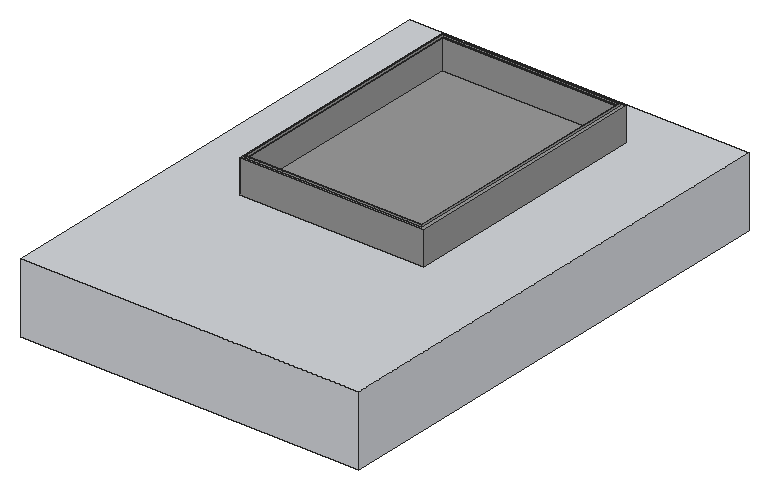
Revit family "Hager-Univers-IP44-D161-Cl.II-FWB-encl--CH-de", category Equipement électrique, Revit 2020
Family settings
  Hôte = Face
  Configuration du panneau = Deux colonnes, circuits au sein
  Cote de connecteur circulaire = Utiliser le diamètre
  Type d'élément = Tableau de raccordement
  Couper avec des vides une fois chargée = Non
  Partagée = Non
  Point de calcul de pièce = Non
Parameters (values of type "Aufputz IP44 B800 H1100 T161  - FWB73D1")
  Width Control [instance] = if([EF000008 - Breite] > Min Width, [EF000008 - Breite], Min Width)  # 800 mm
  Commentaires du type = [HG000003 - Bereich]  # "Univers"
  Thickness Door [instance] = if([EF009171 - Materialstärke Tür/Deckel] > 3 mm, 3 mm, [EF009171 - Materialstärke Tür/Deckel])  # 1 mm
  Seal Frame Offset [instance] = 17 mm  # constant formula
  Plinth Visibility [instance] = [HG000027 - Sockelhöhe] > 0 mm  # no
  Model = ""
  Min Width [instance] = 100 mm  # constant formula
  Min Height [instance] = 100 mm  # constant formula
  Min Depth [instance] = (2 * [EF009170 - Materialstärke Gehäuse]) + 1 mm  # 5 mm
  Internal Frame Depth [instance] = (Door System Depth * 0.5)  # 9 mm
  Height Control [instance] = if([EF000040 - Höhe] > Min Height, [EF000040 - Höhe], Min Height)  # 1100 mm
  HG000027 - Sockelhöhe = 0 mm
  HG000026 - Stehend auf dem Boden = no
  HG000024 - Höhe des unteren Teils = 800 mm
  HG000023 - Gehäuse mit doppeltem Querschnitt = no
  HG000016 - 3D-Türsichtbarkeit [instance] = yes
  HG000015 - Sichtbarkeit der Türöffnung [instance] = no
  HG000014 - Tür rechts [instance] = yes
  HG000013 - Tür links [instance] = not([HG000014 - Tür rechts])  # no
  HG000012 - Türschwenkwinkel [instance] = 30.00°
  HG000010 - Asymmetrische Türen = no
  HG000009 - Doppelflügeligen Tür = no
  HG000006 - Unterputz = no
  HG000004 - Herstellerreferenz = "FWB73D1"
  HG000003 - Bereich = "Univers"
  HG000002 - Mit tür = no
  Frame Offset Bottom [instance] = 10 mm  # constant formula
  Frame Offset [instance] = 15 mm  # constant formula
  EF015940 - Deckel mit Überdruckentlastung = no
  EF011959 - Schutzart (NEMA) = ""
  EF009554 - Anzahl der Öffnungen für Flanschplatten = 6
  Fabricant = "Hager"  # constant formula
  EF009212 - Ausführung Deckel = "EV009916 - mit Ausschnitt"
  EF009171 - Materialstärke Tür/Deckel = 1 mm
  EF009170 - Materialstärke Gehäuse = 2 mm
  EF008873 - Nennstrom (In) = 125 A
  EF007800 - Geeignet für Blitzschutz = no
  EF006306 - Mit Schloss = no
  EF006244 - Transparenter Deckel/Tür = no
  EF005474 - Schutzart (IP) = "EV006418 - IP44"
  EF004464 - Art der Tür = "EV000494 - ohne"
  EF004427 - Anzahl der Module = 252
  EF004293 - Schlagfestigkeit = "EV006815 - IK09"
  EF003532 - Geeignet für Außengebrauch = no
  EF002950 - Breite in Teilungseinheiten = 12
  EF001613 - Funktionserhalt = "EV000494 - ohne"
  EF001596 - Werkstoff des Gehäuses = "EV000179 - Stahl"
  EF001131 - Innentiefe = 160 mm
  EF001088 - Anbaumöglichkeit = yes
  EF000437 - Anzahl der Leitungseinführungen = 12
  EF000339 - Art der Abdeckung = "EV004216 - Tür"
  EF000266 - Anzahl der Reihen = 0
  EF000218 - Einbautiefe = 0 mm
  EF000118 - Mit Montageplatte = no
  EF000116 - RAL-Nummer = "9010"
  EF000049 - Tiefe = 161 mm
  EF000040 - Höhe = 1100 mm
  EF000008 - Breite = 800 mm
  EF000007 - Farbe = "EV000202 - weiß"
  EF000003 - Montageart = "EV000384 - Aufputz"
  Door System Leaf Tolerance [instance] = 1.5 mm  # constant formula
  Door System Depth [instance] = 18 mm  # constant formula
  Door Height [instance] = Height Control - [HG000027 - Sockelhöhe]  # 1100 mm
  Depth Control [instance] = if([EF000049 - Tiefe] > Min Depth, [EF000049 - Tiefe], Min Depth)  # 161 mm
  Default Elevation = 0 mm
  Connector Offset [instance] = Height Control / 2  # 550 mm
  Bottom Top Plate Trim [instance] = 1.5 mm  # constant formula
  Plinth height Ctrl [instance] = if([HG000027 - Sockelhöhe] > 0 mm, [HG000027 - Sockelhöhe], 12 mm)  # 12 mm
Reference planes
  plane 1 "Center (Front/Back)": y = 0
  plane 2: z = 0
  plane 3 "Center (Left/Right)": x = 0
  plane 4: z = 161
  plane 5: y = 2
  plane 6: y = 550
  plane 7: y = 0
  plane 8: y = 1100
  plane 9: z = 0
  plane 10: x = -385
  plane 11: x = 385
  plane 12: x = 383
  plane 13: x = -383
  plane 14: y = 1098
  plane 15: x = -383
  plane 16: x = -400
  plane 17: x = 383
  plane 18: x = 400
  plane 19: x = 398
  plane 20: x = -398
  plane 21: y = 12
  plane 22: y = 1100
  plane 23: y = 1083
  plane 24: z = 143
  plane 25: z = 2
  plane 26: z = 141
  plane 27: z = 159
Forms (mm)
  Extrusion 1, solid
    sketch origin (0, 0, 0) x (1, 0, 0) y (0, 1, 0)
      loop
        line (-702.964, 1305) -> (-702.964, -811.445) -> (766.763, -811.445) -> (766.763, 1305) -> (-702.964, 1305)
    from 0 to -304.8
  Extrusion 2, solid, material "Hager_Steel_RAL7035_Light_Grey", visible <- "Plinth Visibility", detail levels medium+fine
    sketch origin (0, 0, 0) x (1, 0, 0) y (0, 1, 0)
      loop
        line (-400, 0) -> (400, 0) -> (400, 12) -> (-400, 12) -> (-400, 0)
    from 0 to 143
  Extrusion 3, solid, material "Hager_Steel_RAL7035_Light_Grey", detail levels medium+fine
    sketch origin (0, 0, 0) x (1, 0, 0) y (0, 1, 0)
      loop
        line (-400, 0) -> (400, 0) -> (400, 1100) -> (-400, 1100) -> (-400, 0)
    from 0 to 143
  Extrusion 4, void
    sketch origin (0, 0, 0) x (1, 0, 0) y (0, 1, 0)
      loop
        line (-398, 2) -> (398, 2) -> (398, 1098) -> (-398, 1098) -> (-398, 2)
    from 2 to 141
  Extrusion 5, void
    sketch origin (-381.607, -4572, 143) x (0, -1, 0) y (-1, 0, 0)
      loop
        line (-4584, 1.393) -> (-5655, 1.393) -> (-5655, -764.607) -> (-4584, -764.607) -> (-4584, 1.393)
    from 0 to 2 <- "EF009170 - Materialstärke Gehäuse"
  Extrusion 6, solid, material "Hager_Steel_RAL7035_Light_Grey", detail levels fine
    sketch origin (0, 0, 143) x (1, 0, 0) y (0, 1, 0)
      loop
        line (-383, 1083) -> (-383, 12) -> (383, 12) -> (383, 1083) -> (-383, 1083)
      loop
        line (-384, 11) -> (384, 11) -> (384, 1084) -> (-384, 1084) -> (-384, 11)
    from 0 to 9 <- "Internal Frame Depth"
  Extrusion 7, solid, material "Hager_Steel_RAL7035_Light_Grey", detail levels coarse
    sketch origin (0, 0, 0) x (1, 0, 0) y (0, 1, 0)
      loop
        line (-400, 0) -> (400, 0) -> (400, 1100) -> (-400, 1100) -> (-400, 0)
    from 0 to 161
  Sweep 8, void
    path in 3D
      loop
        line (-400, 12, 0) -> (400, 12, 0) -> (400, 12, 143) -> (-400, 12, 143) -> (-400, 12, 0)
    profile origin (-400, 12, 71.5) x (-1, 0, 0) y (0, -1, 0)
      loop
        line (0, 0) -> (0, 1.5) -> (-1.5, 1.5)
        arc (-1.5, 1.5) -> (-1.061, 0.439) -> (0, 0) r 1.5
Cuts and joins
  Extrusion 4, Extrusion 5 cuts Extrusion 3
  Sweep 8 cuts Extrusion 2
Lines and regions (mm)
  Masking region 1
    outline origin (0, 0, 0) x (1, 0, 0) y (0, 0, 1)
      loop
        line (-400, 161) -> (-400, 0) -> (400, 0) -> (400, 161) -> (-400, 161)
  Masking region 2, detail levels medium+fine
    outline origin (0, 140, 0) x (0, 1, 0) y (0, 0, 1)
      loop
        line (-140, 0) -> (960, 0) -> (960, 143) -> (-140, 143) -> (-140, 0)
  Masking region 3, not visible, detail levels medium+fine
    outline origin (0, 297.922, 0) x (0, 1, 0) y (0, 0, 1)
      loop
        line (263.578, 0) -> (303.578, 0) -> (303.578, 149)
        arc (303.578, 149) -> (300.649, 156.071) -> (293.578, 159) r 10
        line (293.578, 159) -> (263.578, 159) -> (263.578, 0)
  Masking region 4, detail levels coarse
    outline origin (0, 0, 180) x (0, 1, 0) y (0, 0, 1)
      loop
        line (0, -180) -> (1100, -180) -> (1100, -19) -> (0, -19) -> (0, -180)
  Masking region 5, visible <- "Plinth Visibility", detail levels medium+fine
    outline origin (0, 52.24, 12.345) x (0, 0, -1) y (0, 1, 0)
      loop
        line (10.845, -40.24) -> (-129.155, -40.24)
        arc (-129.155, -40.24) -> (-129.594, -41.301) -> (-130.655, -41.74) r 1.5
        line (-130.655, -41.74) -> (-130.655, -52.24) -> (12.345, -52.24) -> (12.345, -41.74)
        arc (12.345, -41.74) -> (11.285, -41.301) -> (10.845, -40.24) r 1.5
  Masking region 6, detail levels medium+fine
    outline origin (-381.607, -4572, 143) x (-1, 0, 0) y (0, -1, 0)
      loop
        line (18.393, -5672) -> (18.393, -4572) -> (-781.607, -4572) -> (-781.607, -5672) -> (18.393, -5672)
  Masking region 7, visible <- "Plinth Visibility", detail levels medium+fine
    outline origin (-381.607, -4727, 143) x (-1, 0, 0) y (0, -1, 0)
      loop
        arc (16.893, -4739) -> (17.332, -4737.939) -> (18.393, -4737.5) r 1.5
        line (18.393, -4737.5) -> (18.393, -4727) -> (-781.607, -4727) -> (-781.607, -4737.5)
        arc (-781.607, -4737.5) -> (-780.546, -4737.939) -> (-780.107, -4739) r 1.5
        line (-780.107, -4739) -> (16.893, -4739)
  Masking region 8, detail levels coarse
    outline origin (-442.548, -4669.526, 143) x (-1, 0, 0) y (0, -1, 0)
      loop
        line (-42.548, -5769.526) -> (-42.548, -4669.526) -> (-842.548, -4669.526) -> (-842.548, -5769.526) -> (-42.548, -5769.526)
  sketch lines
    curve 1: line (-400, 12, 143) -> (-400, 12, 0)
    curve 2: line (400, 12, 143) -> (-400, 12, 143)
    curve 3: line (400, 12, 143) -> (400, 12, 0)
    curve 4: line (-400, 12, 0) -> (400, 12, 0)
Dimensions and locks
  "Depth Control": plane 4 to Extrusion 1
  "HG000027 - Sockelhöhe": plane 1 "Center (Front/Back)" to plane 7
  "EF009170 - Materialstärke Gehäuse": plane 5 to plane 7
  locked: connector elem to plane 3 "Center (Left/Right)"
  equal spacing: plane 8, plane 6, plane 7
  locked: connector elem to plane 6
  "EF009170 - Materialstärke Gehäuse": plane 8 to plane 14
  "EF009170 - Materialstärke Gehäuse": plane 10 to plane 13
  "EF009170 - Materialstärke Gehäuse": plane 12 to plane 11
  "Frame Offset": plane 20 to plane 13
  "Frame Offset": plane 12 to plane 19
  "EF009170 - Materialstärke Gehäuse": plane 16 to plane 20
  "EF009170 - Materialstärke Gehäuse": plane 19 to plane 18
  "Seal Frame Offset": plane 16 to plane 15
  "Seal Frame Offset": plane 17 to plane 18
  "Frame Offset Bottom": plane 21 to plane 5
  "Frame Offset": plane 14 to plane 23
  equal spacing: plane 16, plane 3 "Center (Left/Right)", plane 18
  "Width Control": plane 16 to plane 18
  "EF009170 - Materialstärke Gehäuse": plane 4 to plane 27
  "EF009170 - Materialstärke Gehäuse": plane 24 to plane 26
  "EF009170 - Materialstärke Gehäuse": plane 25 to level
  "Door System Depth": plane 4 to plane 24
  "Height Control": plane 1 "Center (Front/Back)" to Extrusion 7 sketch curve
  "Height Control": Masking region 4 sketch curve to plane 1 "Center (Front/Back)"
  "Height Control": plane 1 "Center (Front/Back)" to plane 22
  "Bottom Top Plate Trim": profile plane to Sweep 8 sketch curve
  "Bottom Top Plate Trim": Sweep 8 sketch curve to profile plane
  "Plinth height Ctrl": plane 1 "Center (Front/Back)" to Extrusion 2 sketch curve
  "Plinth height Ctrl": Masking region 5 sketch curve to plane 1 "Center (Front/Back)"
  "Plinth height Ctrl": plane 1 "Center (Front/Back)" to Masking region 7 sketch curve
  "Thickness Door": Extrusion 6 sketch curve to Extrusion 6 sketch curve  (x3)
  "Thickness Door": cut or joined group of Extrusion 3, Extrusion 4, Extrusion 5 to Extrusion 6 sketch curve
  radius of Masking region 3 sketch curve = 10 mm
  "Bottom Top Plate Trim": radius of Masking region 5 sketch curve  (x2)
  "Bottom Top Plate Trim": radius of Sweep 8 sketch curve
  "Bottom Top Plate Trim": radius of Masking region 7 sketch curve  (x2)
  aligned and locked: plane 2 to Extrusion 1
  aligned and locked: level to Extrusion 1
  aligned and locked: level to Masking region 1 sketch curve
  aligned and locked: Masking region 1 sketch curve to plane 18
  aligned and locked: Masking region 1 sketch curve to plane 16
  aligned and locked: plane 7 to Masking region 2 sketch curve
  aligned and locked: level to Masking region 3 sketch curve
  aligned and locked: Masking region 3 sketch curve to plane 27
  aligned and locked: level to Masking region 2 sketch curve
  aligned and locked: plane 1 "Center (Front/Back)" to Extrusion 2 sketch curve
  aligned and locked: Extrusion 3 sketch curve to plane 7
  aligned and locked: plane 16 to Extrusion 3 sketch curve
  aligned and locked: plane 18 to Extrusion 3 sketch curve
  aligned and locked: plane 20 to Extrusion 4 sketch curve
  aligned and locked: plane 19 to Extrusion 4 sketch curve
  aligned and locked: Extrusion 4 sketch curve to plane 5
  aligned and locked: Extrusion 4 to plane 25
  aligned and locked: plane 26 to Extrusion 4
  aligned and locked: plane 24 to Extrusion 3
  aligned and locked: Extrusion 5 sketch curve to plane 21
  aligned and locked: Extrusion 5 sketch curve to plane 13
  aligned and locked: Extrusion 5 sketch curve to plane 12
  aligned and locked: plane 18 to Extrusion 7 sketch curve
  aligned and locked: plane 1 "Center (Front/Back)" to Extrusion 7 sketch curve
  aligned and locked: plane 16 to Extrusion 7 sketch curve
  aligned and locked: plane 4 to Extrusion 7
  aligned and locked: Extrusion 7 to level
  aligned and locked: level to Masking region 4 sketch curve
  aligned and locked: Masking region 4 sketch curve to plane 1 "Center (Front/Back)"
  aligned and locked: Masking region 4 sketch curve to plane 4
  aligned and locked: nested 1 to level
  aligned and locked: nested 1 to plane 16
  aligned and locked: plane 8 to Extrusion 3 sketch curve
  aligned and locked: plane 23 to Extrusion 5 sketch curve
  aligned and locked: plane 14 to Extrusion 4 sketch curve
  aligned and locked: Masking region 2 sketch curve to plane 8
  aligned and locked: level to Masking region 5 sketch curve
  aligned and locked: plane 16 to Extrusion 2 sketch curve
  aligned and locked: plane 18 to Extrusion 2 sketch curve
  aligned and locked: Masking region 5 sketch curve to plane 24
  aligned and locked: Masking region 2 sketch curve to plane 24
  aligned and locked: plane 24 to Extrusion 2
  aligned and locked: profile plane to Sweep 8 sketch curve  (x2)
  aligned and locked: Masking region 6 sketch curve to plane 18
  aligned and locked: Masking region 6 sketch curve to plane 22
  aligned and locked: Masking region 6 sketch curve to plane 16
  aligned and locked: plane 8 to plane 22
  aligned and locked: Masking region 6 sketch curve to plane 7
  aligned and locked: Masking region 7 sketch curve to plane 16
  aligned and locked: Masking region 7 sketch curve to plane 1 "Center (Front/Back)"
  aligned and locked: Masking region 7 sketch curve to plane 18
  aligned and locked: Masking region 8 sketch curve to plane 1 "Center (Front/Back)"
  aligned and locked: Masking region 8 sketch curve to plane 18
  aligned and locked: Masking region 8 sketch curve to plane 22
  aligned and locked: Masking region 8 sketch curve to plane 16
  aligned and locked: nested 2 to plane 7
  aligned and locked: plane 3 "Center (Left/Right)" to nested 2
  aligned and locked: nested 2 to plane 24
  aligned and locked: Extrusion 6 sketch curve to cut or joined group of Extrusion 3, Extrusion 4, Extrusion 5  (x4)
Automatic sketch dimensions
  Extrusion 1 sketch curve to Extrusion 1 sketch curve = 1469.727 mm
  Extrusion 1 sketch curve to Extrusion 1 sketch curve = 2116.445 mm
  Masking region 1 sketch curve to plane 4 = 0 mm
  plane 6 to Masking region 3 sketch curve = 11.5 mm
  Masking region 3 sketch curve to Masking region 3 sketch curve = 30 mm
  Masking region 5 sketch curve to plane 1 "Center (Front/Back)" = 0 mm
Nested families
  nested 1: "Hager_Enclosure_Symbol" at (-400, 0, 0) x (1, 0, 0) z (0, -1, 0), Height <- "Depth Control", Width <- "Width Control", type "Hager_Enclosure_Symbol"
    with Width_Ctrl 800 mm, Width 800 mm, Height_Ctrl 161 mm, Height 161 mm, A_Width_Int 10.566 mm, A_Width 126.788 mm, A_Height_Ctrl 140.875 mm, A_Height 140.875 mm
  nested 2: "EC000058_Univers_Door" at (0, 0, 143) x (1, 0, 0) z (0, 1, 0), Leaf_Tolerance <- "Door System Leaf Tolerance", Angle <- "HG000012 - Türschwenkwinkel", Door_Depth <- "Door System Depth", Door_Left <- "HG000013 - Tür links", Transparent <- "EF006244 - Transparenter Deckel/Tür", Assymetrical <- "HG000010 - Asymmetrische Türen", Width <- "Width Control", Clearance <- "HG000015 - Sichtbarkeit der Türöffnung", Double <- "HG000009 - Doppelflügeligen Tür", 3d_Door <- "HG000016 - 3D-Türsichtbarkeit", Lock_Visibility <- "EF006306 - Mit Schloss", Width_Ctrl <- "Width Control", Door_Right <- "HG000014 - Tür rechts", Door <- "HG000002 - Mit tür", Height <- "Door Height", Thickness <- "Thickness Door", type "EC000058_Univers_Door", detail levels medium+fine
    with min_wh 3 mm, Width_Ctrl 800 mm, Width 800 mm, Transparent no, Thickness 1 mm, Seal_Material Hager_Rubber, Lock_Visibility no, Lock_Material Hager_Plastic_RAL9005_Jet_Black, Leaf_Width 800 mm, Leaf_Tolerance_External_Sides 0 mm, Leaf_Tolerance 1.5 mm, Leaf_Offset 0 mm, Leaf_Height 1097 mm, Leaf_2_Width 800 mm, Leaf_2_Offset 400 mm, Leaf_1_Width 800 mm, Leaf_1_Offset 400 mm, Height_Ctrl 1100 mm, Height 1100 mm, Glass_Material Hager_Glass, Double_Clearance_Ctrl no, Double no, Door_Right_Ctrl no, Door_Right yes, Door_Material Hager_Steel_RAL7035_Light_Grey, Door_Left_Ctrl no, Door_Left no, Door_Depth 18 mm, Door no, Clearance_Material Hager_Clearance, Clearance_Depth 800 mm, Clearance_Ctrl no, Clearance no, Assymetrical no, Angle 30.00°, 3d_Door yes
Connectors
  electrical at (0, 550, 0)
    settings: on plane 9, index 1, voltage 0 V, apparent load 0 VA, apparent load phase1 0 VA, apparent load phase2 0 VA, apparent load phase3 0 VA, power factor 1, load classification "Other", number of poles 1, system type 30, power factor state 1, is connector primary yes, connector utility no, sub classification motor no, connector description ""
Definition of nested family "Hager_Enclosure_Symbol"
  Parameters (values of type "Hager_Enclosure_Symbol")
    Width_Ctrl [instance] = if(Width > 1 mm, Width, 1 mm)  # 102.27 mm
    Width [instance] = 102.27 mm
    Height_Ctrl [instance] = if(Height > 1 mm, Height, 1 mm)  # 66.5 mm
    A_Width_Int [instance] = if(A_Width / 12 > 2 mm, A_Width / 12, 2 mm)  # 4.364 mm
    A_Width [instance] = if(A_Height_Ctrl * 0.9 > 2 mm, A_Height_Ctrl * 0.9, 2 mm)  # 52.369 mm
    A_Height_Ctrl [instance] = if(A_Height > 2 mm, A_Height, 2 mm)  # 58.188 mm
    Height [instance] = 66.5 mm
    A_Height [instance] = Height - (Height / 8)  # 58.188 mm
  Reference planes
    plane 1 "Centre (avant/arrière)": y = 0
    plane 2: z = 0
    plane 3 "Centre (gauche/droite)": x = 0
    plane 4: x = 52.369
    plane 5: y = 33.042
    plane 6: y = 41.77
    plane 7: y = 66.5
    plane 8: x = 26.184
    plane 9: y = 37.406
    plane 10: x = 102.27
    plane 11: y = 66.5
    plane 12: y = 8.313
  Lines and regions (mm)
    Filled region 1, type "Solid_Black", in view "Niveau de réf."
      outline origin (0, 0, 0) x (1, 0, 0) y (0, 1, 0)
        loop
          line (52.369, 66.5) -> (33.188, 54.536) -> (45.365, 45.006) -> (52.369, 66.5)
    Filled region 2, type "Solid_Black", in view "Niveau de réf."
      outline origin (0, 0, 0) x (1, 0, 0) y (0, 1, 0)
        loop
          line (0, 0) -> (102.27, 0) -> (102.27, 66.5) -> (0, 0)
    detail lines, in view "Niveau de réf."
      curve 1: line (0, 8.313, 0) -> (26.184, 41.77, 0)
      curve 2: line (26.184, 41.77, 0) -> (26.184, 33.042, 0)
      curve 3: line (26.184, 33.042, 0) -> (52.369, 66.5, 0)
  Dimensions and locks
    "A_Width": plane 3 "Centre (gauche/droite)" to plane 4
    equal spacing: plane 3 "Centre (gauche/droite)", plane 8, plane 4
    equal spacing: plane 6, plane 9, plane 5
    equal spacing: curve 3, Filled region 1 sketch curve, Filled region 1 sketch curve
    "Height_Ctrl": plane 1 "Centre (avant/arrière)" to plane 11
    "A_Height_Ctrl": plane 11 to plane 12
    equal spacing: plane 11, plane 9, plane 12
    "A_Width_Int": plane 6 to plane 9
    "Width_Ctrl": plane 3 "Centre (gauche/droite)" to plane 10
    angle Filled region 1 sketch curve to curve 3 = 20.00°
    angle curve 3 to Filled region 1 sketch curve = 20.00°
    locked: curve 3 to Filled region 1 sketch curve (angle 90.00°)
    aligned and locked: plane 10 to Filled region 2
    aligned and locked: plane 11 to Filled region 2 sketch curve
    aligned and locked: plane 10 to Filled region 2 sketch curve
    aligned and locked: plane 3 "Centre (gauche/droite)" to curve 1
    aligned and locked: plane 12 to curve 1
    aligned and locked: plane 7 to plane 11
  Automatic sketch dimensions
    Filled region 1 sketch curve to plane 4 = 0 mm
    Filled region 1 sketch curve to plane 7 = 0 mm
    plane 1 "Centre (avant/arrière)" to Filled region 2 sketch curve = 0 mm
    Filled region 2 sketch curve to plane 3 "Centre (gauche/droite)" = 0 mm
    curve 2 to plane 6 = 0 mm
    curve 2 to plane 8 = 0 mm
    curve 3 to plane 4 = 0 mm
    curve 2 to plane 5 = 0 mm
    curve 3 to plane 7 = 0 mm
Definition of nested family "EC000058_Univers_Door"
  Parameters (values of type "EC000058_Univers_Door")
    min_wh [instance] = (2 * Thickness) + 1 mm  # 11 mm
    Width_Ctrl [instance] = 400 mm
    Width [instance] = 500 mm
    Transparent [instance] = yes
    Thickness [instance] = 5 mm
    Seal_Material [instance] = none
    Lock_Visibility [instance] = yes
    Lock_Material [instance] = none
    Leaf_Width [instance] = if((Width_Ctrl - 2 * Leaf_Tolerance_External_Sides) > 0 mm, (Width_Ctrl - 2 * Leaf_Tolerance_External_Sides), min_wh)  # 400 mm
    Leaf_Tolerance_External_Sides [instance] = 0 mm  # constant formula
    Leaf_Tolerance [instance] = 1.5 mm
    Leaf_Offset [instance] = 0 mm  # constant formula
    Leaf_Height [instance] = if((Height_Ctrl - 2 * Leaf_Tolerance) > 0 mm, (Height_Ctrl - 2 * Leaf_Tolerance), min_wh)  # 497 mm
    Leaf_2_Width [instance] = if(and(and(Double, Assymetrical), Door_Left), (Leaf_Width / 3) - (Leaf_Tolerance / 2), if(and(and(Double, Assymetrical), Door_Right), (Leaf_Width / 3) * 2 - (Leaf_Tolerance / 2), if(and(Double, not(Assymetrical)), (Leaf_Width / 2) - Leaf_Tolerance, Leaf_Width)))  # 400 mm
    Leaf_2_Offset [instance] = if(and(Double, Assymetrical), Leaf_2_Width / 2, if(and(Double, not(Assymetrical)), Leaf_Width / 4, Leaf_Width / 2))  # 200 mm
    Leaf_1_Width [instance] = if(and(and(Double, Assymetrical), Door_Right), (Leaf_Width / 3) - (Leaf_Tolerance / 2), if(and(and(Double, Assymetrical), Door_Left), (Width / 3) * 2 - (Leaf_Tolerance / 2), if(and(Double, not(Assymetrical)), (Leaf_Width / 2) - Leaf_Tolerance, Leaf_Width)))  # 400 mm
    Leaf_1_Offset [instance] = if(and(Double, Assymetrical), Leaf_1_Width / 2, if(and(Double, not(Assymetrical)), Leaf_Width / 4, Leaf_Width / 2))  # 200 mm
    Height_Ctrl [instance] = if(Height > min_wh, Height, min_wh)  # 500 mm
    Height [instance] = 500 mm
    Glass_Material [instance] = none
    Double_Clearance_Ctrl [instance] = and(Double, Clearance)  # no
    Double [instance] = no
    Door_Right_Ctrl [instance] = and(or(Door_Right, Double), Door)  # yes
    Door_Right [instance] = yes
    Door_Material [instance] = none
    Door_Left_Ctrl [instance] = and(or(Door_Left, Double), Door)  # no
    Door_Left [instance] = no
    Door_Depth [instance] = 30 mm
    Door [instance] = yes
    Default Elevation = 1219.2 mm
    Clearance_Material [instance] = none
    Clearance_Depth [instance] = if(Leaf_1_Width > Leaf_2_Width, Leaf_1_Width, Leaf_2_Width)  # 400 mm
    Clearance_Ctrl [instance] = and(not(Double), Clearance)  # yes
    Clearance [instance] = yes
    Assymetrical [instance] = yes
    Angle [instance] = 30.00°
    3d_Door [instance] = yes
  Reference planes
    plane 1 "Center (Front/Back)": y = 0
    plane 2 "Bottom": z = 0
    plane 3 "Center (Left/Right)": x = 0
    plane 4: z = 500
    plane 5: x = -200
    plane 6: x = 200
    plane 7: z = 500
    plane 8: x = -200
    plane 9: z = 0
    plane 10: x = 200
    plane 11: y = 0
    plane 12: z = 1.5
    plane 13: x = -600
    plane 14: y = -400
    plane 15: x = 600
    plane 16: x = 0
    plane 17: x = 0
    plane 18: x = -200
    plane 19: x = 200
    plane 20: z = 498.5
  Forms (mm)
    Extrusion 1, solid, material <- "Clearance_Material", visible <- "Double_Clearance_Ctrl"
      sketch origin (1200, 0, 0) x (1, 0, 0) y (0, 0, -1)
        loop
          line (-1800, -498.5) -> (-600, -498.5) -> (-600, 0) -> (-1800, 0) -> (-1800, -498.5)
      from 0 to -400
  Dimensions and locks
    equal spacing: plane 5, plane 3 "Center (Left/Right)", plane 6
    "Width_Ctrl": plane 5 to plane 6
    "Leaf_Offset": plane 5 to plane 8
    "Leaf_Offset": plane 6 to plane 10
    "Leaf_Offset": plane 9 to level
    "Leaf_Offset": plane 4 to plane 7
    "Height_Ctrl": plane 4 to level
    "Leaf_Tolerance": plane 12 to plane 9
    locked: plane 11 to plane 1 "Center (Front/Back)"
    "Leaf_1_Offset": plane 18 to plane 16
    "Leaf_2_Offset": plane 17 to plane 19
    "Leaf_1_Width": plane 13 to plane 8
    "Leaf_2_Width": plane 10 to plane 15
    "Clearance_Depth": plane 14 to plane 1 "Center (Front/Back)"
    "Leaf_Tolerance_External_Sides": plane 8 to plane 18
    "Leaf_Tolerance_External_Sides": plane 19 to plane 10
    "Leaf_Tolerance": plane 7 to plane 20
    aligned and locked: level to plane 2 "Bottom"
    aligned and locked: nested 1 to plane 16
    aligned and locked: nested 2 to plane 17
    aligned and locked: Extrusion 1 to plane 13
    aligned and locked: plane 15 to Extrusion 1
    aligned and locked: Extrusion 1 to plane 14
    aligned and locked: plane 12 to nested 1
    aligned and locked: nested 2 to plane 12
    aligned and locked: Extrusion 1 to plane 11
    aligned and locked: plane 20 to Extrusion 1
    aligned and locked: nested 2 to plane 11
    aligned and locked: nested 1 to plane 11
  Automatic sketch dimensions
    Extrusion 1 sketch curve to level = 0 mm
    plane 5 to Extrusion 1 sketch curve = 400 mm
    plane 6 to Extrusion 1 sketch curve = 400 mm
    Extrusion 1 sketch curve to plane 4 = 1.5 mm
  Nested families
    nested 1: "EC000058_Univers_Door_Leaf" at (0, 0, 1.5), Width <- "Leaf_1_Width", visible <- "Door_Left_Ctrl", Leaf_Height <- "Leaf_Height", Angle <- "Angle", 3d_Door <- "3d_Door", Transparent <- "Transparent", Clearance Material <- "Clearance_Material", Clearance <- "Clearance_Ctrl", Door_Material <- "Door_Material", Glass_Material <- "Glass_Material", Door_Depth <- "Door_Depth", Lock_Material <- "Lock_Material", Seal_Material <- "Seal_Material", Lock_Visibility <- "Lock_Visibility", Thickness <- "Thickness", type "EC000058_Univers_Door_Leaf"
      with Width 400 mm, Transparent_Glass_Offset 30 mm, Transparent_Ctrl yes, Transparent yes, Thickness 5 mm, Standard no, Seal_Material none, Seal_D2 8 mm, Seal_D1 1 mm, Offset_Internal_Frame 10 mm, Lock_Width 20 mm, Lock_Visibility_3d yes, Lock_Visibility yes, Lock_Thickness_3 3 mm, Lock_Thickness_2 1 mm, Lock_Thickness_1 3 mm, Lock_Radius_Offset_2 16 mm, Lock_Radius_Offset_1 15 mm, Lock_Radius_2 5 mm, Lock_Radius 6 mm, Lock_Offset 5 mm, Lock_Material none, Lock_Height 80 mm, Lock_Cover_Top_Offset_2d 17 mm, Lock_Cover_Height -65 mm, Leaf_Height 497 mm, Internal_Seal_Thickness 8 mm, Internal_Seal_Depth_2 4.5 mm, Internal_Frame_Depth 25 mm, Glass_Thickness -1 mm, Glass_Offset -2 mm, Glass_Material none, Door_Material none, Door_Depth 30 mm, Clearance Material none, Clearance yes, Angle_Ctrl 30.00°, Angle 30.00°, 3d_Door yes
    nested 2: "EC000058_Univers_Door_Leaf" at (0, 0, 1.5) x (-1, 0, 0) z (0, 0, 1), Width <- "Leaf_2_Width", visible <- "Door_Right_Ctrl", Leaf_Height <- "Leaf_Height", Angle <- "Angle", 3d_Door <- "3d_Door", Transparent <- "Transparent", Clearance Material <- "Clearance_Material", Clearance <- "Clearance_Ctrl", Door_Material <- "Door_Material", Glass_Material <- "Glass_Material", Door_Depth <- "Door_Depth", Lock_Material <- "Lock_Material", Seal_Material <- "Seal_Material", Lock_Visibility <- "Lock_Visibility", Thickness <- "Thickness", type "EC000058_Univers_Door_Leaf"
      with Width 400 mm, Transparent_Glass_Offset 30 mm, Transparent_Ctrl yes, Transparent yes, Thickness 5 mm, Standard no, Seal_Material none, Seal_D2 8 mm, Seal_D1 1 mm, Offset_Internal_Frame 10 mm, Lock_Width 20 mm, Lock_Visibility_3d yes, Lock_Visibility yes, Lock_Thickness_3 3 mm, Lock_Thickness_2 1 mm, Lock_Thickness_1 3 mm, Lock_Radius_Offset_2 16 mm, Lock_Radius_Offset_1 15 mm, Lock_Radius_2 5 mm, Lock_Radius 6 mm, Lock_Offset 5 mm, Lock_Material none, Lock_Height 80 mm, Lock_Cover_Top_Offset_2d 17 mm, Lock_Cover_Height -65 mm, Leaf_Height 497 mm, Internal_Seal_Thickness 8 mm, Internal_Seal_Depth_2 4.5 mm, Internal_Frame_Depth 25 mm, Glass_Thickness -1 mm, Glass_Offset -2 mm, Glass_Material none, Door_Material none, Door_Depth 30 mm, Clearance Material none, Clearance yes, Angle_Ctrl 30.00°, Angle 30.00°, 3d_Door yes
  Definition of nested family "EC000058_Univers_Door_Leaf"
    Parameters (values of type "EC000058_Univers_Door_Leaf")
      Width [instance] = 2000 mm
      Transparent_Glass_Offset [instance] = 30 mm
      Transparent_Ctrl [instance] = and(Transparent, [3d_Door])  # yes
      Transparent [instance] = yes
      Thickness [instance] = 5 mm
      Standard [instance] = and(not(Transparent), [3d_Door])  # no
      Seal_Material [instance] = none
      Seal_D2 [instance] = 8 mm  # constant formula
      Seal_D1 [instance] = 1 mm  # constant formula
      Offset_Internal_Frame [instance] = 10 mm  # constant formula
      Lock_Width [instance] = 20 mm  # constant formula
      Lock_Visibility_3d [instance] = and(Lock_Visibility, [3d_Door])  # yes
      Lock_Visibility [instance] = yes
      Lock_Thickness_3 [instance] = 3 mm  # constant formula
      Lock_Thickness_2 [instance] = 1 mm  # constant formula
      Lock_Thickness_1 [instance] = 3 mm  # constant formula
      Lock_Radius_Offset_2 [instance] = Lock_Radius_Offset_1 + 1 mm  # 16 mm
      Lock_Radius_Offset_1 [instance] = 15 mm  # constant formula
      Lock_Radius_2 [instance] = Lock_Radius - 1 mm  # 5 mm
      Lock_Radius [instance] = 6 mm  # constant formula
      Lock_Offset [instance] = 5 mm  # constant formula
      Lock_Material [instance] = none
      Lock_Height [instance] = 80 mm  # constant formula
      Lock_Cover_Top_Offset_2d [instance] = Lock_Radius_Offset_2 + 1 mm  # 17 mm
      Lock_Cover_Height [instance] = -(Lock_Height - Lock_Radius_Offset_1)  # -65 mm
      Leaf_Height [instance] = 2720.336 mm
      Internal_Seal_Thickness [instance] = 8 mm  # constant formula
      Internal_Seal_Depth_2 [instance] = 4.5 mm  # constant formula
      Internal_Frame_Depth [instance] = if(Door_Depth - Thickness > 5 mm, Door_Depth - Thickness, 5 mm)  # 25 mm
      Glass_Thickness [instance] = if(Thickness > 15 mm, Glass_Offset + 10 mm, -1 mm)  # -1 mm
      Glass_Offset [instance] = if(Thickness > 15 mm, -(Thickness + 10 mm) / 2, -2 mm)  # -2 mm
      Glass_Material [instance] = none
      Door_Material [instance] = none
      Door_Depth [instance] = 30 mm
      Default Elevation = 0 mm
      Clearance Material [instance] = none
      Clearance [instance] = yes
      Angle_Ctrl [instance] = if(Angle > 180.00°, 180.00°, Angle)  # 90.00°
      Angle [instance] = 90.00°
      3d_Door [instance] = yes
    Reference planes
      plane 1 "Center (Front/Back)": y = 0
      plane 2: z = 0
      plane 3 "Center (Left/Right)": x = 0
      plane 4: y = 2000
      plane 5: x = -1000
      plane 6: x = 1000
      plane 7: x = -3000
      plane 8: z = 2720.336
      plane 9: z = 30
      plane 10: z = 2690.336
      plane 11: x = 970
      plane 12: x = -970
      plane 13: y = -3
      plane 14: z = 107.833
      plane 15: y = -5
      plane 16: y = -223.314
      plane 17: x = -1000
      plane 18: z = 1360.168
      plane 19: y = 30
    Forms (mm)
      Extrusion 1, solid, material <- "Clearance Material", visible <- "Clearance"
        sketch origin (0, 0, 0) x (1, 0, 0) y (0, 0, 1)
          loop
            line (-3000, 2720.336) -> (-3000, 0) -> (1000, 0) -> (1000, 2720.336) -> (-3000, 2720.336)
        from 0 to -2000
      Extrusion 2, solid, material <- "Door_Material", visible <- "Standard", detail levels medium+fine
        sketch origin (-1000, 0, 0) x (0, 1, 0) y (-1, 0, 0)
          loop
            line (0, 30) -> (0, 25) -> (2000, 25) -> (2000, 30) -> (0, 30)
        from 0 to 2720.336 <- "Leaf_Height"
      Extrusion 3, solid, material <- "Door_Material", visible <- "Transparent_Ctrl", detail levels medium+fine
        sketch origin (-1000, 0, 0) x (0, 1, 0) y (-1, 0, 0)
          loop
            line (0, 25) -> (2000, 25) -> (2000, 30) -> (0, 30) -> (0, 25)
        from 0 to 2720.336 <- "Leaf_Height"
      Extrusion 4, void
        sketch origin (-1025, 2000, 0) x (0, 1, 0) y (0, 0, -1)
          loop
            line (-30, -2690.336) -> (-30, -30) -> (-1970, -30) -> (-1970, -2690.336) -> (-30, -2690.336)
        from 0 to 5 <- "Thickness"
      Sweep 5, solid, material <- "Seal_Material", visible <- "Transparent_Ctrl", detail levels fine
        path in 3D
          loop
            line (-1025, 30, 30) -> (-1025, 30, 2690.336) -> (-1025, 1970, 2690.336) -> (-1025, 1970, 30) -> (-1025, 30, 30)
        profile origin (-1025, 1000, 30) x (1, 0, 0) y (0, 0, 1)
          loop
            line (0, 0) -> (0, -8) -> (1, -8) -> (1, 0) -> (0, 0)
      Extrusion 6, solid, material <- "Glass_Material", visible <- "Transparent_Ctrl", detail levels medium+fine
        sketch origin (-1030, 0, 0) x (0, 1, 0) y (0, 0, -1)
          loop
            line (1970, -2690.336) -> (1970, -30) -> (30, -30) -> (30, -2690.336) -> (1970, -2690.336)
        from -2 <- "Glass_Offset" to -1 <- "Glass_Thickness"
      Extrusion 7, solid, material <- "Door_Material", visible <- "3d_Door", detail levels medium+fine
        sketch origin (-1025, 2000, 0) x (0, -1, 0) y (0, 0, -1)
          loop
            line (0, -2720.336) -> (2000, -2720.336) -> (2000, 0) -> (0, 0) -> (0, -2720.336)
          loop
            line (1995, -5) -> (5, -5) -> (5, -2715.336) -> (1995, -2715.336) -> (1995, -5)
        from 0 to 25 <- "Internal_Frame_Depth"
      Sweep 8, solid, material <- "Seal_Material", visible <- "Transparent_Ctrl", detail levels fine
        path in 3D
          loop
            line (-1025, 0, 0) -> (-1025, 2000, 0) -> (-1025, 2000, 2720.336) -> (-1025, 0, 2720.336) -> (-1025, 0, 0)
        profile origin (-1025, 0, 1360.168) x (1, 0, 0) y (0, 1, 0)
          loop
            line (0, 10) -> (2.975, 10)
            arc (2.975, 10) -> (4.053, 10.447) -> (4.5, 11.525) r 1.525
            line (4.5, 11.525) -> (4.5, 16.527)
            arc (4.5, 16.527) -> (4.069, 17.569) -> (3.027, 18) r 1.473
            line (3.027, 18) -> (0, 18) -> (0, 10)
      Extrusion 9, solid, material <- "Lock_Material", visible <- "Lock_Visibility_3d", detail levels fine
        sketch origin (-1030, 0, 0) x (0, 1, 0) y (0, 0, -1)
          loop
            arc (1993.5, -1400.168) -> (1994.561, -1399.729) -> (1995, -1398.668) r 1.5
            line (1995, -1398.668) -> (1995, -1320.168) -> (1975, -1320.168) -> (1975, -1398.668)
            arc (1975, -1398.668) -> (1975.439, -1399.729) -> (1976.5, -1400.168) r 1.5
            line (1976.5, -1400.168) -> (1993.5, -1400.168)
        from 3 <- "Lock_Thickness_1" to 0
      Blend 10, solid, material <- "Lock_Material", visible <- "Lock_Visibility_3d", detail levels fine
        base sketch origin (-1033, 0, 0) x (0, 1, 0) y (0, 0, -1)
          loop
            line (1975, -1320.168) -> (1975, -1398.668)
            arc (1975, -1398.668) -> (1975.439, -1399.729) -> (1976.5, -1400.168) r 1.5
            line (1976.5, -1400.168) -> (1993.5, -1400.168)
            arc (1993.5, -1400.168) -> (1994.561, -1399.729) -> (1995, -1398.668) r 1.5
            line (1995, -1398.668) -> (1995, -1320.168) -> (1975, -1320.168)
        top sketch origin (-1033, 0, 0) x (0, 1, 0) y (0, 0, -1)
          loop
            line (1976, -1320.168) -> (1976, -1398.668)
            arc (1976, -1398.668) -> (1976.146, -1399.022) -> (1976.5, -1399.168) r 0.5
            line (1976.5, -1399.168) -> (1993.5, -1399.168)
            arc (1993.5, -1399.168) -> (1993.854, -1399.022) -> (1994, -1398.668) r 0.5
            line (1994, -1398.668) -> (1994, -1320.168) -> (1976, -1320.168)
        from 0 to 1 <- "Lock_Thickness_2"
      Blend 11, solid, material <- "Lock_Material", visible <- "Lock_Visibility_3d", detail levels fine
        base sketch origin (-1034, 0, 0) x (0, 1, 0) y (0, 0, -1)
          loop
            line (1978, -1320.168) -> (1978, -1384.168)
            arc (1978, -1384.168) -> (1985, -1391.168) -> (1992, -1384.168) r 7
            line (1992, -1384.168) -> (1992, -1320.168) -> (1978, -1320.168)
        top sketch origin (-1034, 0, 0) x (0, 1, 0) y (0, 0, -1)
          loop
            line (1991, -1320.168) -> (1979, -1320.168) -> (1979, -1383.168)
            arc (1979, -1383.168) -> (1985, -1389.168) -> (1991, -1383.168) r 6
            line (1991, -1383.168) -> (1991, -1320.168)
        from 0 to 3 <- "Lock_Thickness_3"
      Extrusion 12, solid, material <- "Lock_Material", visible <- "Lock_Visibility_3d", detail levels fine
        sketch origin (-1030, 1975, 1320.168) x (1, 0, 0) y (0, -1, 0)
          loop
            line (-7, -19) -> (-7, -1) -> (0, -1) -> (0, 0) -> (-8, 0) -> (-8, -20) -> (0, -20) -> (0, -19) -> (-7, -19)
        from 0 to -65 <- "Lock_Cover_Height"
      Extrusion 13, void
        sketch origin (-1038, 1995, 1320.168) x (-1, 0, 0) y (0, 0, -1)
          loop
            line (-5, -65) -> (0, -65) -> (-5, -60) -> (-5, -65)
        from 0 to 20 <- "Lock_Width"
      Extrusion 14, void
        sketch origin (-1038, 1975, 1320.168) x (0, -1, 0) y (0, 0, -1)
          loop
            circle (-10, -15.995) r 6
          loop
            circle (-10, -15.995) r 5
        from 0 to 2
      Extrusion 15, solid, material <- "Lock_Material", visible <- "Lock_Visibility_3d", detail levels medium
        sketch origin (-1030, 0, 0) x (0, 1, 0) y (0, 0, -1)
          loop
            arc (1993.5, -1400.168) -> (1994.561, -1399.729) -> (1995, -1398.668) r 1.5
            line (1995, -1398.668) -> (1995, -1320.168) -> (1975, -1320.168) -> (1975, -1398.668)
            arc (1975, -1398.668) -> (1975.439, -1399.729) -> (1976.5, -1400.168) r 1.5
            line (1976.5, -1400.168) -> (1993.5, -1400.168)
        from 8 to 0
    Cuts and joins
      Extrusion 4 cuts Extrusion 3
      Extrusion 13, Extrusion 14 cuts Extrusion 9
      Extrusion 14 cuts Blend 11
      Extrusion 13, Extrusion 14 cuts Extrusion 12
      joined: Extrusion 9, Blend 10, Blend 11, Extrusion 12
      Extrusion 14 cuts Extrusion 15
    Lines and regions (mm)
      Masking region 1, visible <- "Lock_Visibility", detail levels fine
        outline origin (0, 0, 0) x (0, 1, 0) y (0, 0, 1)
          loop
            line (30, 1320.168) -> (33, 1320.168) -> (33, 1400.168) -> (30, 1400.168) -> (30, 1320.168)
      Masking region 2, visible <- "Lock_Visibility", detail levels fine
        outline origin (0, 3.143, 0) x (0, 1, 0) y (0, 0, 1)
          loop
            line (29.857, 1354.168) -> (30.857, 1354.168) -> (30.857, 1366.168) -> (29.857, 1366.168) -> (29.857, 1354.168)
      Masking region 3, detail levels medium+fine
        outline origin (0, 0, 0) x (0, 1, 0) y (0, 0, 1)
          loop
            line (0, 0) -> (30, 0) -> (30, 2720.336) -> (0, 2720.336) -> (0, 0)
      Masking region 4, detail levels medium+fine
        outline origin (0, 0, 0) x (1, 0, 0) y (0, 0, 1)
          loop
            line (-1000, 2720.336) -> (-1000, 0) -> (1000, 0) -> (1000, 2720.336) -> (-1000, 2720.336)
      Masking region 5, visible <- "Lock_Visibility", detail levels fine
        outline origin (-47.116, 0, 0) x (1, 0, 0) y (0, 0, 1)
          loop
            arc (1024.616, 1399.168) -> (1023.556, 1398.729) -> (1023.116, 1397.668) r 1.5
            line (1023.116, 1397.668) -> (1023.116, 1320.168) -> (1041.116, 1320.168) -> (1041.116, 1397.668)
            arc (1041.116, 1397.668) -> (1040.677, 1398.729) -> (1039.616, 1399.168) r 1.5
            line (1039.616, 1399.168) -> (1024.616, 1399.168)
      Masking region 6, visible <- "Lock_Visibility", detail levels medium+fine
        outline origin (-25, 0, 0) x (1, 0, 0) y (0, 0, 1)
          loop
            arc (1001.5, 1400.168) -> (1000.439, 1399.729) -> (1000, 1398.668) r 1.5
            line (1000, 1398.668) -> (1000, 1320.168) -> (1020, 1320.168) -> (1020, 1398.668)
            arc (1020, 1398.668) -> (1019.561, 1399.729) -> (1018.5, 1400.168) r 1.5
            line (1018.5, 1400.168) -> (1001.5, 1400.168)
      Masking region 7, visible <- "Lock_Visibility", detail levels fine
        outline origin (-73.735, 0, 0) x (1, 0, 0) y (0, 0, 1)
          loop
            line (1051.735, 1382.168) -> (1065.735, 1382.168) -> (1065.735, 1384.168)
            arc (1065.735, 1384.168) -> (1058.735, 1391.168) -> (1051.735, 1384.168) r 7
            line (1051.735, 1384.168) -> (1051.735, 1382.168)
      Masking region 8, visible <- "Lock_Visibility", detail levels fine
        outline origin (-73.735, 0, 0) x (1, 0, 0) y (0, 0, 1)
          loop
            line (1052.735, 1382.168) -> (1064.735, 1382.168) -> (1064.735, 1383.168)
            arc (1064.735, 1383.168) -> (1058.735, 1389.168) -> (1052.735, 1383.168) r 6
            line (1052.735, 1383.168) -> (1052.735, 1382.168)
      Masking region 9, visible <- "Lock_Visibility", detail levels fine
        outline origin (-25, 0, 0) x (1, 0, 0) y (0, 0, 1)
          loop
            line (1020, 1320.168) -> (1020, 1382.168) -> (1000, 1382.168) -> (1000, 1320.168) -> (1020, 1320.168)
      Masking region 10, detail levels medium+fine
        outline origin (0, 0, 0) x (1, 0, 0) y (0, 0, 1)
          loop
            circle (985, 1335.144) r 6
      Masking region 11, detail levels fine
        outline origin (0, 0, 0) x (1, 0, 0) y (0, 0, 1)
          loop
            circle (985, 1335.144) r 5
      Masking region 12, visible <- "Lock_Visibility", detail levels fine
        outline origin (0, 12.767, 0) x (0, 1, 0) y (0, 0, 1)
          loop
            line (20.233, 1320.168) -> (21.233, 1320.168) -> (21.233, 1399.168) -> (20.233, 1400.168) -> (20.233, 1320.168)
      Masking region 13, visible <- "Lock_Visibility", detail levels fine
        outline origin (0, 13.767, -10) x (0, 1, 0) y (0, 0, 1)
          loop
            line (20.233, 1330.168) -> (23.233, 1330.168) -> (23.233, 1399.168) -> (20.233, 1402.168) -> (20.233, 1330.168)
      Masking region 14, visible <- "Lock_Visibility", detail levels fine
        outline origin (0, 12.767, -10) x (0, 1, 0) y (0, 0, 1)
          loop
            line (20.233, 1330.168) -> (25.233, 1330.168) -> (25.233, 1399.305) -> (20.233, 1394.305) -> (20.233, 1330.168)
      Masking region 15, visible <- "Lock_Visibility", detail levels medium
        outline origin (0, 0, 0) x (0, 1, 0) y (0, 0, 1)
          loop
            line (30, 1320.168) -> (38, 1320.168) -> (38, 1400.168) -> (30, 1400.168) -> (30, 1320.168)
      Masking region 16, visible <- "Lock_Visibility", detail levels fine
        outline origin (-1000, 0, 0) x (0, 1, 0) y (-1, 0, 0)
          loop
            line (1975, 30) -> (1995, 30) -> (1995, 38) -> (1975, 38) -> (1975, 30)
          loop
            line (1979, 37) -> (1976, 37) -> (1976, 34) -> (1978, 34) -> (1979, 37)
          loop
            line (1994, 37) -> (1991, 37) -> (1992, 34) -> (1994, 34) -> (1994, 37)
      Masking region 17, visible <- "Lock_Visibility", detail levels medium
        outline origin (-1000, 0, 0) x (0, 1, 0) y (-1, 0, 0)
          loop
            line (1975, 30) -> (1995, 30) -> (1995, 38) -> (1975, 38) -> (1975, 30)
      symbolic lines
        curve 1: line (1000, 0, 0) -> (-3000, 0, 0)
        curve 2: arc (1000, 0, 0) -> (-1000, 2000, 0) -> (-3000, 0, 0) r 2000
        curve 4: line (-1030, 0, 0) -> (-1030, 2000, 0)
      reference lines
        curve 3: line (-1000, 0, 0) -> (-1000, 2000, 0)
      symbolic lines, detail levels medium+fine
        curve 5: line (-1030, 2000, 0) -> (-1025, 2000, 0)
        curve 7: line (-1025, 0, 0) -> (-1030, 0, 0)
        curve 8: line (-1025, 0, 0) -> (-1000, 0, 0)
        curve 9: line (-1000, 0, 0) -> (-1000, 2000, 0)
        curve 10: line (-1000, 2000, 0) -> (-1025, 2000, 0)
      symbolic lines, detail levels fine
        curve 6: line (-1025, 2000, 0) -> (-1025, 0, 0)
      sketch lines
        curve 11: line (-1025, 0, 2720.336) -> (-1025, 0, 0)
        curve 12: line (-1025, 2000, 0) -> (-1025, 0, 0)
        curve 13: line (-1025, 2000, 2720.336) -> (-1025, 2000, 0)
        curve 14: line (-1025, 0, 2720.336) -> (-1025, 2000, 2720.336)
        curve 15: line (-1025, 1970, 30) -> (-1025, 30, 30)
        curve 16: line (-1025, 30, 30) -> (-1025, 30, 2690.336)
        curve 17: line (-1025, 1970, 2690.336) -> (-1025, 1970, 30)
        curve 18: line (-1025, 30, 2690.336) -> (-1025, 1970, 2690.336)
      symbolic lines, visible <- "Transparent", detail levels medium+fine
        curve 19: line (-970, 0, 2690.336) -> (970, 0, 2690.336)
        curve 20: line (-970, 0, 30) -> (-970, 0, 2690.336)
        curve 21: line (970, 0, 30) -> (-970, 0, 30)
        curve 22: line (970, 0, 2690.336) -> (970, 0, 30)
    Dimensions and locks
      "Width": plane 1 "Center (Front/Back)" to plane 4
      equal spacing: plane 5, plane 3 "Center (Left/Right)", plane 6
      "Width": plane 5 to plane 6
      "Width": plane 7 to plane 5
      "Leaf_Height": plane 8 to level
      "Width": curve 5 to curve 3
      "Width": curve 3 to curve 3
      plane 8 to plane 10 = 30 mm
      plane 9 to level = 30 mm
      plane 12 to plane 5 = 30 mm
      plane 6 to plane 11 = 30 mm
      Extrusion 1 to Extrusion 4 sketch curve = 30 mm
      "Transparent_Glass_Offset": curve 3 to Extrusion 4 sketch curve
      "Transparent_Glass_Offset": Extrusion 4 sketch curve to cut or joined group of Extrusion 3, Extrusion 4  (x2)
      cut or joined group of Extrusion 3, Extrusion 4 to Extrusion 6 sketch curve = 30 mm
      "Transparent_Glass_Offset": cut or joined group of Extrusion 3, Extrusion 4 to Extrusion 4 sketch curve
      "Thickness": curve 6 to curve 4
      "Thickness": Extrusion 7 sketch curve to Extrusion 7 sketch curve  (x4)
      "Door_Depth": curve 4 to curve 3
      "Offset_Internal_Frame": profile plane to Sweep 8 sketch curve
      "Internal_Seal_Thickness": Sweep 8 sketch curve to Sweep 8 sketch curve
      "Internal_Seal_Depth_2": profile plane to Sweep 8 sketch curve
      "Seal_D1": profile plane to Sweep 5 sketch curve
      "Seal_D2": profile plane to Sweep 5 sketch curve
      "Thickness": Extrusion 2 sketch curve to Extrusion 2 sketch curve
      equal spacing: Extrusion 9 sketch curve, plane 18, Extrusion 9 sketch curve  (x2)
      equal spacing: Masking region 1 sketch curve, plane 18, Masking region 1 sketch curve
      "Lock_Height": Masking region 1 sketch curve to Masking region 1 sketch curve
      "Lock_Radius": Masking region 2 sketch curve to plane 18 to Masking region 2 sketch curve
      Masking region 2 sketch curve to Masking region 1 = 1 mm
      "Door_Depth": plane 19 to plane 1 "Center (Front/Back)"
      "Lock_Thickness_1": Masking region 1 sketch curve to plane 19
      "Lock_Width": Extrusion 9 sketch curve to Extrusion 9 sketch curve
      "Lock_Height": Extrusion 9 sketch curve to Extrusion 9 sketch curve
      "Lock_Offset": cut or joined group of Extrusion 3, Extrusion 4 to Extrusion 9 sketch curve
      equal spacing: plane 8, plane 18, level
      "Lock_Radius_Offset_1": Blend 11 sketch curve to Blend 10
      locked: Blend 10 to Blend 11 sketch curve at 2  (x2)
      locked: var sketch to Blend 11 sketch curve at 1  (x2)
      "Lock_Radius_Offset_2": Blend 11 sketch curve to Blend 10
      locked: Extrusion 12 sketch curve to Extrusion 12 sketch curve at 1  (x3)
      Masking region 6 sketch curve to Masking region 6 sketch curve = 80 mm
      "Lock_Height": Masking region 6 sketch curve to Masking region 6 sketch curve
      "Lock_Width": Masking region 6 sketch curve to Masking region 6 sketch curve
      locked: Masking region 6 to Masking region 5 sketch curve at 1  (x3)
      locked: Masking region 5 to Masking region 7 sketch curve at 2  (x2)
      "Lock_Radius_Offset_1": Masking region 5 to Masking region 7 sketch curve
      "Lock_Radius_Offset_2": Masking region 5 to Masking region 8 sketch curve
      locked: Masking region 7 to Masking region 8 sketch curve at 1  (x2)
      "Lock_Cover_Top_Offset_2d": Masking region 5 to Masking region 9 sketch curve
      equal spacing: Masking region 9, Masking region 10 sketch curve, Masking region 9
      equal spacing: Masking region 9, Masking region 11 sketch curve, Masking region 9
      Extrusion 15 sketch curve to Extrusion 15 sketch curve = 80 mm
      "Lock_Width": Extrusion 15 sketch curve to Extrusion 15 sketch curve
      "Lock_Height": Extrusion 15 sketch curve to Extrusion 15 sketch curve
      equal spacing: Extrusion 15 sketch curve, plane 18, Extrusion 15 sketch curve
      "Lock_Thickness_3": Masking region 13 sketch curve to Masking region 13 sketch curve
      "Lock_Height": Masking region 12 sketch curve to Masking region 12 sketch curve
      locked: Masking region 13 sketch curve to Masking region 1 at 8
      locked: Masking region 14 sketch curve to Masking region 13 at 1
      locked: Masking region 14 sketch curve to Masking region 1 at 10.863
      "Lock_Height": Masking region 15 sketch curve to Masking region 15 sketch curve
      "Lock_Offset": Extrusion 15 sketch curve to cut or joined group of Extrusion 3, Extrusion 4
      "Lock_Offset": plane 6 to Masking region 6 sketch curve
      radius of Sweep 8 sketch curve = 1.525 mm
      radius of Sweep 8 sketch curve = 1.473 mm
      radius of Extrusion 9 sketch curve = 1.5 mm  (x2)
      "Lock_Radius": radius of Extrusion 14 sketch curve
      "Lock_Radius_2": radius of Extrusion 14 sketch curve
      "Lock_Radius": radius of Masking region 10 sketch curve
      "Lock_Radius_2": radius of Masking region 11 sketch curve
      radius of Extrusion 15 sketch curve = 1.5 mm  (x2)
      "Angle_Ctrl": angle plane 1 "Center (Front/Back)" to curve 3
      locked: Masking region 12 sketch curve to Masking region 12 sketch curve (angle 45.00°)
      locked: Masking region 13 sketch curve to Masking region 13 sketch curve (angle 45.00°)
      locked: Masking region 14 sketch curve to Masking region 14 sketch curve (angle 45.00°)
      aligned and locked: level to plane 2
      aligned and locked: Extrusion 1 to curve 1
      aligned and locked: plane 6 to Extrusion 1
      aligned and locked: Extrusion 1 to plane 1 "Center (Front/Back)"
      aligned and locked: plane 4 to Extrusion 1
      aligned and locked: plane 8 to Extrusion 1
      aligned and locked: curve 7 to Extrusion 2 sketch curve
      aligned and locked: curve 5 to Extrusion 2 sketch curve
      aligned and locked: curve 7 to Extrusion 3 sketch curve
      aligned and locked: Extrusion 3 sketch curve to curve 4
      aligned and locked: Extrusion 3 sketch curve to curve 6
      aligned and locked: Extrusion 3 sketch curve to curve 5
      aligned and locked: curve 9 to curve 3
      aligned and locked: Extrusion 7 sketch curve to cut or joined group of Extrusion 3, Extrusion 4  (x4)
      aligned and locked: plane 17 to curve 3
      aligned and locked: plane 1 "Center (Front/Back)" to curve 3
      aligned and locked: plane 17 to plane 5
      aligned and locked: Sweep 8 sketch curve to profile plane
      aligned and locked: Sweep 5 sketch curve to profile plane  (x2)
      aligned and locked: Masking region 1 to Masking region 2 sketch curve
      aligned and locked: plane 19 to Masking region 1 sketch curve
      aligned and locked: plane 1 "Center (Front/Back)" to Masking region 3 sketch curve
      aligned and locked: plane 19 to Masking region 3 sketch curve
      aligned and locked: level to Masking region 3 sketch curve
      aligned and locked: Masking region 3 sketch curve to plane 8
      aligned and locked: plane 17 to Masking region 4 sketch curve
      aligned and locked: level to Masking region 4 sketch curve
      aligned and locked: Masking region 4 sketch curve to plane 8
      aligned and locked: plane 12 to curve 20
      aligned and locked: plane 10 to curve 19
      aligned and locked: plane 11 to curve 22
      aligned and locked: curve 21 to plane 9
      aligned and locked: Extrusion 2 sketch curve to cut or joined group of Extrusion 3, Extrusion 4
      aligned and locked: Blend 10 sketch curve to Extrusion 9  (x4)
      aligned and locked: Extrusion 9 to Blend 10 sketch curve
      aligned and locked: Blend 10 to Blend 11 sketch curve
      aligned and locked: Extrusion 12 sketch curve to Blend 11
      aligned and locked: Extrusion 12 sketch curve to Extrusion 9  (x4)
      aligned and locked: Masking region 5 sketch curve to Masking region 6
      aligned and locked: Masking region 9 sketch curve to Masking region 6  (x3)
      aligned and locked: Masking region 12 sketch curve to Masking region 1
      aligned and locked: Masking region 13 sketch curve to Masking region 1
      aligned and locked: Masking region 12 to Masking region 14
      aligned and locked: Masking region 14 sketch curve to Masking region 1
      aligned and locked: Masking region 15 sketch curve to Masking region 14
      aligned and locked: Masking region 13 sketch curve to Masking region 12
      aligned and locked: Masking region 16 sketch curve to cut or joined group of Extrusion 14, Extrusion 15  (x4)
      aligned and locked: Masking region 16 sketch curve to cut or joined group of Extrusion 9, Blend 10, Blend 11, Extrusion 12, Extrusion 13, Extrusion 14  (x6)
      aligned and locked: cut or joined group of Extrusion 9, Blend 10, Blend 11, Extrusion 12, Extrusion 13, Extrusion 14 to Masking region 16 sketch curve
      aligned and locked: Masking region 17 sketch curve to cut or joined group of Extrusion 14, Extrusion 15  (x3)
      aligned and locked: Masking region 17 sketch curve to cut or joined group of Extrusion 9, Blend 10, Blend 11, Extrusion 12, Extrusion 13, Extrusion 14
      aligned and locked: Masking region 9 to Masking region 8 sketch curve
      aligned and locked: Masking region 9 to Masking region 7 sketch curve
    Automatic sketch dimensions
      plane 1 "Center (Front/Back)" to curve 2 = 0 mm
      curve 2 to plane 5 = 0 mm
      Extrusion 1 sketch curve to level = 0 mm
      Extrusion 1 sketch curve to plane 7 = 0 mm
      Extrusion 1 sketch curve to plane 6 = 0 mm
      Extrusion 1 sketch curve to plane 8 = 0 mm
      Extrusion 3 to Extrusion 6 sketch curve = 30 mm  (x4)
      Masking region 4 sketch curve to plane 6 = 0 mm
      Blend 10 sketch curve to Extrusion 9 = 1.5 mm
      Blend 10 sketch curve to Extrusion 9 = 1 mm
      Extrusion 13 sketch curve to Extrusion 12 = 0 mm  (x2)
      Extrusion 12 to Extrusion 13 sketch curve = 3 mm
      Extrusion 13 sketch curve to Extrusion 12 = 5 mm
      Extrusion 14 sketch curve to Extrusion 14 sketch curve = 0 mm  (x2)
      Extrusion 14 sketch curve to Extrusion 12 = 10 mm
      Extrusion 14 sketch curve to Extrusion 12 = 15.995 mm
      Masking region 5 sketch curve to Masking region 5 sketch curve = 1.5 mm  (x2)
      Masking region 10 sketch curve to plane 18 = 25.024 mm
      Masking region 11 sketch curve to plane 18 = 25.024 mm
      plane 19 to Masking region 14 sketch curve = 3 mm
      Masking region 16 sketch curve to Masking region 16 sketch curve = 3 mm
      curve 4 to curve 3 = 0 mm
      Blend 10 to Blend 11 sketch curve = 0 mm
      Masking region 6 sketch curve to Masking region 6 sketch curve = 1.5 mm  (x2)
      Masking region 6 sketch curve to plane 18 = 40 mm
      plane 19 to Masking region 12 sketch curve = 3 mm
      Masking region 12 sketch curve to Masking region 12 sketch curve = 1 mm
      Masking region 15 sketch curve to plane 19 = 0 mm
      Masking region 15 sketch curve to plane 18 = 40 mm
      radius of Blend 10 sketch curve to Extrusion 9 = 1 mm
